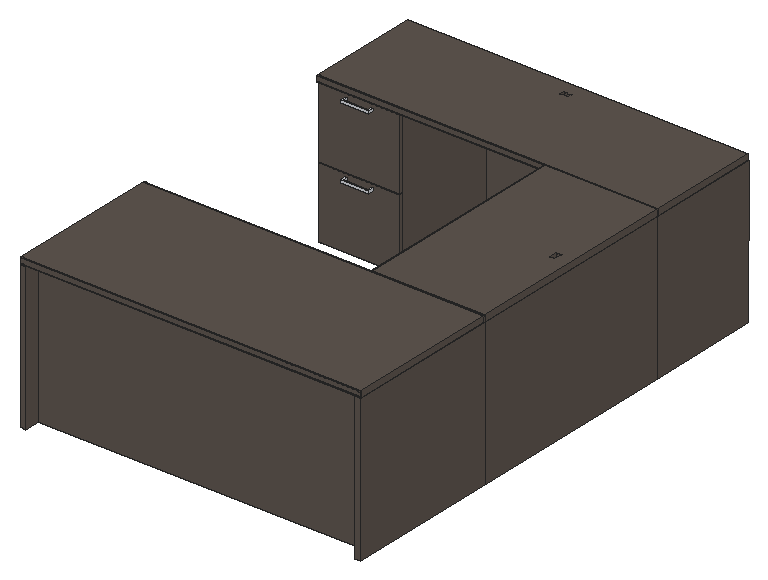
Revit family "T100292", category Furniture, Revit 2022
Family settings
  OmniClass Number = 23.40.20.00
  OmniClass Title = General Furniture and Specialties
  Work Plane-Based = No
  Always vertical = No
  Cut with Voids When Loaded = No
  Render Appearance Source = Family Geometry
  Shared = No
  Room Calculation Point = No
Parameters (values of type "T100292")
  URL = "https://ofs.com/"
  Manufacturer = "OFS"
  Description = "OFS TYPICAL T100292"
  Default Elevation = 0"
  Copyright © = "©OFS 2021"
  Catalog = "https://ofs.com/2020-experience"
  Authoring Version = "Autodesk Revit Architecture 2015"
  Assembly Code = "E2020400"
Reference planes (in)
  plane 1 "Center Front/Back": y = 0
  plane 2: z = 0
  plane 3 "Center Left/Right": x = 0
Dimensions and locks (in)
  aligned and locked: level to plane 2
Nested families (in)
  nested 1: "OFS ELEMENT OPEN L DESK LEFT AND RIGHT 84in Width 60in Return" at (102, 18.84375, 84), type "ELEMENT OPEN L DESK LEFT RETURN 84in Width 60in Return"
    with Right Desk Ovelay no, Left Desk Overlay no, Desk Overlay Option yes
  nested 2: "FIRST OFFICE-PULSE_DESK_SINGLE_PED_RIGHT" at (-33.0952, 18.18047, 0) x (-1, 0, 0) z (0, 0, 1), type "PULSE_DESK_SNGL_PED_4-6630FRPD"
    with TOP D SIZE yes, THICKNESS 1.188"
  nested 3: "FIRST OFFICE-PULSE_CREDENZA_SINGLE_PED_LEFT" at (-33, 86.94043, 0), type "PULSE_CREDENZA_SINGLE_PED_LEFT_4-6622FCRL"
    with TOP D SIZE yes, THICKNESS 1.188", CENTER GROMMET no
  nested 4: "FIRST OFFICE-PULSE_BRIDGES_W-HINGED_MODESTY" at (-14, 51, 0) x (0, -1, 0) z (0, 0, 1), type "PULSE_BRIDGE_STRAIGHT_4-2242BR"
    with TOP D SIZE yes, THICKNESS 1.188", CENTER GROMMET no
Definition of nested family "FIRST OFFICE-PULSE_DESK_SINGLE_PED_RIGHT"
  Parameters (values of type "PULSE_DESK_SNGL_PED_4-7236FRPD")
    URL = "http://www.firstoffice.com/products/casegoods/pulse"
    TOP D SIZE [instance] = yes
    THICKNESS [instance] = if(TOP D SIZE, 1.188", 1.563")  # 1.188"
    PEDESTAL HEIGHT = 28.187"
    Default Elevation = 0"
    DESK WIDTH = 72"
    FULL PED = PEDESTAL HEIGHT > 25"  # yes
    DRAWER FRONT = none
    ENVIRONMENTAL = "http://www.firstoffice.com/information/environment"
    DESK DEPTH = 36"
    TOP CORE = none
    Manufacturer = "FIRST OFFICE-PULSE"
    MODEL NUMBER = "4-7236FRPD"
    MANUFACTURERS' CODE = "FOF"
    EDGE SHAPE = none
    Description = "PULSE SINGLE PED DESK RIGHT 72X36"
    CHASSIS = none
    CATALOG CODE = "FOF"
  Types (5): name | PEDESTAL HEIGHT | DESK WIDTH | FULL PED | DESK DEPTH | MODEL NUMBER | Description
    (no name) | 28.187" | 72" | yes | 36" | "4-7236FRPD" | "PULSE SINGLE PED DESK RIGHT 72X36"
    PULSE_DESK_SNGL_PED_4-6630FRPD | 28.187" | 66" | yes | 30" | "4-6630FRPD" | "PULSE SINGLE PED DESK RIGHT 66X30"
    PULSE_DESK_SNGL_PED_4-7236FRPD | 28.187" | 72" | yes | 36" | "4-7236FRPD" | "PULSE SINGLE PED DESK RIGHT 72X36"
    PULSE_DESK_SNGL_PED_4-6630RPD | 21 1/4" | 66" | no | 30" | "4-6630RPD" | "PULSE SINGLE 3/4 PED DESK RIGHT 66X30"
    PULSE_DESK_SNGL_PED_4-7236RPD | 21 1/4" | 72" | no | 36" | "4-7236RPD" | "PULSE SINGLE 3/4 PED DESK RIGHT 72X36"
  Reference planes (in)
    plane 1 "Center Front/Back": y = 3.18047
    plane 2: z = 0
    plane 3 "DESK TOP": z = 30
    plane 4 "BASE HEIGHT": z = 28.812
    plane 5 "FRONT": y = -14.81953
    plane 6 "PEDESTAL BOTTOM": z = 0.5
    plane 7 "PEDESTAL TOP": z = 28.687
    plane 8: z = 1.063
    plane 9 "PEDESTAL FRONT": y = -13.81953
    plane 10 "DRAWER FRONT": y = -14.56953
    plane 11 "ARC DEPTH": y = 21.18047
    plane 12: z = 14.813
    plane 13: z = 14.938
    plane 14: z = 21.874
    plane 15: z = 21.75
    plane 16: z = 1.25
    plane 17: y = 12.18047
    plane 18: y = 11.43047
    plane 19: z = 16.812
    plane 20: y = 21.05547
    plane 21: x = -0.0952
    plane 22: x = 35.9048
    plane 23: x = -36.0952
    plane 24: x = 35.8418
    plane 25: x = -36.0322
    plane 26: x = 20.0288
    plane 27: x = 34.8418
    plane 28: x = 20.7788
    plane 29: x = -35.0322
    plane 30: x = 20.0918
  Forms (in)
    Extrusion 1, solid, material <- "DRAWER FRONT"
      sketch origin (-0.25596, -14.56953, 0) x (-1, 0, 0) y (0, 0, -1)
        loop
          line (-36.09775, -14.813) -> (-20.34775, -14.813) -> (-20.34775, -1.063) -> (-36.09775, -1.063) -> (-36.09775, -14.813)
      from -0.75 to 0
    Extrusion 2, solid, visible <- "FULL PED"
      sketch origin (-0.25596, -14.56953, 0) x (-1, 0, 0) y (0, 0, -1)
        loop
          line (-36.09775, -21.75) -> (-20.34775, -21.75) -> (-20.34775, -14.938) -> (-36.09775, -14.938) -> (-36.09775, -21.75)
      from -0.75 to 0
    Extrusion 3, solid
      sketch origin (-0.25596, -14.56953, 0) x (-1, 0, 0) y (0, 0, -1)
        loop
          line (-36.09775, -28.687) -> (-20.34775, -28.687) -> (-20.34775, -21.874) -> (-36.09775, -21.874) -> (-36.09775, -28.687)
      from -0.75 to 0
    Extrusion 4, solid, material <- "CHASSIS"
      sketch origin (-0.25596, 12.18047, 0) x (1, 0, 0) y (0, 0, -1)
        loop
          line (-34.77625, -28.812) -> (35.09775, -28.812) -> (35.09775, -0.499) -> (-34.77625, -0.499) -> (-34.77625, -28.812)
      from -0.75 to 0
    Extrusion 5, solid, material <- "TOP CORE"
      sketch origin (-0.25596, 0, 30) x (0, 1, 0) y (-1, 0, 0)
        loop
          line (21.05547, -36.16075) -> (21.05547, 35.83925) -> (-14.69453, 35.83925) -> (-14.69453, -36.16075) -> (21.05547, -36.16075)
      from -1.188 to 0
    Extrusion 6, solid, material <- "EDGE SHAPE"
      sketch origin (-0.0952, 0, 0) x (0, 1, 0) y (0, 0, -1)
        loop
          arc (-14.69453, -28.812) -> (-14.78292, -28.84861) -> (-14.81953, -28.937) r 0.125
          line (-14.81953, -28.937) -> (-14.81953, -29.875)
          arc (-14.81953, -29.875) -> (-14.78292, -29.96339) -> (-14.69453, -30) r 0.125
          line (-14.69453, -30) -> (-14.69453, -28.812)
      from -36 to 36
    Extrusion 7, solid, visible <- "FULL PED"
      sketch origin (18.78315, -15.37535, 16.001) x (-1, 0, 0) y (0, -1, 0)
        loop
          line (-11.90239, -0.80581) -> (-11.52739, -0.80581) -> (-11.52739, 0.00669) -> (-6.83989, 0.00669) -> (-6.83989, -0.80581) -> (-6.46489, -0.80581) -> (-6.46489, 0.19419) -> (-11.90239, 0.19419) -> (-11.90239, -0.80581)
      from 4.53125 to 5
    Extrusion 8, solid
      sketch origin (18.78315, -15.37535, 22.938) x (-1, 0, 0) y (0, -1, 0)
        loop
          line (-11.90239, -0.80581) -> (-11.52739, -0.80581) -> (-11.52739, 0.00669) -> (-6.83989, 0.00669) -> (-6.83989, -0.80581) -> (-6.46489, -0.80581) -> (-6.46489, 0.19419) -> (-11.90239, 0.19419) -> (-11.90239, -0.80581)
      from 4.53125 to 5
    Extrusion 9, solid
      sketch origin (18.78315, -15.37535, 9.063) x (-1, 0, 0) y (0, -1, 0)
        loop
          line (-11.90239, -0.80581) -> (-11.52739, -0.80581) -> (-11.52739, 0.00669) -> (-6.83989, 0.00669) -> (-6.83989, -0.80581) -> (-6.46489, -0.80581) -> (-6.46489, 0.19419) -> (-11.90239, 0.19419) -> (-11.90239, -0.80581)
      from 4.53125 to 5
    Extrusion 10, solid, material <- "CHASSIS"
      sketch origin (37.74404, 5.25, 0) x (0, 1, 0) y (0, 0, -1)
        loop
          line (-19.06953, -28.687) -> (15.93047, -28.687) -> (15.93047, -0.499) -> (-19.06953, -0.499) -> (-19.06953, -28.687)
      from 1.83925 to 2.90225
    Extrusion 11, solid
      sketch origin (99, 5.25, 28.687) x (0, 1, 0) y (-1, 0, 0)
        loop
          line (15.80547, 134.0322) -> (15.80547, 135.0322) -> (-19.06953, 135.0322) -> (-19.06953, 134.0322) -> (15.80547, 134.0322)
      from 0 to 0.125
    Extrusion 12, solid, material <- "CHASSIS"
      sketch origin (-36.25596, 5.5, 0) x (0, 1, 0) y (0, 0, 1)
        loop
          line (-20.31953, 28.687) -> (-20.31953, 0.499) -> (15.68047, 0.499) -> (15.68047, 28.687) -> (-20.31953, 28.687)
      from 0.16075 to 1.22375
    Extrusion 13, solid
      sketch origin (94.5, 5.5, 28.687) x (0, 1, 0) y (-1, 0, 0)
        loop
          line (15.55547, 59.6582) -> (-20.06953, 59.6582) -> (-20.06953, 58.6582) -> (15.55547, 58.6582) -> (15.55547, 59.6582)
      from 0 to 0.125
    Extrusion 14, solid, material <- "CHASSIS"
      sketch origin (14.74404, 4.5, 0) x (0, 1, 0) y (0, 0, 1)
        loop
          line (-18.31953, 28.812) -> (-18.31953, 0.5) -> (6.93047, 0.5) -> (6.93047, 28.812) -> (-18.31953, 28.812)
      from 5.28475 to 6.03475
    Extrusion 15, solid, material <- "CHASSIS", not visible
      sketch origin (-0.25596, 4.5, 0.5) x (0, 1, 0) y (-1, 0, 0)
        loop
          line (6.93047, -21.03475) -> (-18.31953, -21.03475) -> (-18.31953, -35.09775) -> (6.93047, -35.09775) -> (6.93047, -21.03475)
      from 0 to 0.75
    Extrusion 16, solid, material <- "CHASSIS"
      sketch origin (-0.25596, 1.5, 0.5) x (0, 1, 0) y (-1, 0, 0)
        loop
          line (9.93047, -21.03475) -> (-15.31953, -21.03475) -> (-15.31953, -35.09775) -> (9.93047, -35.09775) -> (9.93047, -21.03475)
      from 0 to 0.75
    Extrusion 17, solid, material <- "EDGE SHAPE"
      sketch origin (-0.0952, 0, 0) x (0, 1, 0) y (0, 0, -1)
        loop
          line (21.18047, -29.875) -> (21.18047, -28.937)
          arc (21.18047, -28.937) -> (21.14385, -28.84861) -> (21.05547, -28.812) r 0.125
          line (21.05547, -28.812) -> (21.05547, -30)
          arc (21.05547, -30) -> (21.14385, -29.96339) -> (21.18047, -29.875) r 0.125
      from -36 to 36
  Lines and regions (in)
    Masking region 1
      outline origin (-81.95305, 0, 0) x (0, 1, 0) y (-1, 0, 0)
        loop
          line (21.18047, -117.85784) -> (21.18047, -45.85784) -> (-14.81953, -45.85784) -> (-14.81953, -117.85784) -> (21.18047, -117.85784)
    Masking region 2
      outline origin (0, 0, 28.687) x (0, 1, 0) y (-1, 0, 0)
        loop
          line (-14.81953, -25.24805) -> (-15.56953, -25.24805) -> (-15.56953, -30.68555) -> (-14.81953, -30.68555) -> (-14.81953, -30.31055) -> (-15.38203, -30.31055) -> (-15.38203, -25.62305) -> (-14.81953, -25.62305) -> (-14.81953, -25.24805)
  Dimensions and locks (in)
    "DESK DEPTH": plane 5 "FRONT" to plane 11 "ARC DEPTH"
    equal spacing: plane 5 "FRONT", plane 1 "Center Front/Back", plane 11 "ARC DEPTH"
    plane 16 to plane 8 to plane 6 "PEDESTAL BOTTOM" = 0.187" locked, 0.563" locked
    "PEDESTAL HEIGHT": plane 7 "PEDESTAL TOP" to plane 6 "PEDESTAL BOTTOM"
    plane 4 "BASE HEIGHT" to plane 7 "PEDESTAL TOP" to plane 2 = 1/8" locked, 28.687" locked
    "THICKNESS": plane 3 "DESK TOP" to plane 4 "BASE HEIGHT"
    plane 5 "FRONT" to plane 10 "DRAWER FRONT" to plane 9 "PEDESTAL FRONT" to plane 18 to plane 17 = 1/4" locked, 3/4" locked, 25 1/4" locked, 3/4" locked
    locked: plane 11 "ARC DEPTH" to plane 20 at 0.125
    equal spacing: plane 22, plane 21, plane 23
    "DESK WIDTH": plane 22 to plane 23
    plane 13 to plane 12 to plane 8 = 1/8" locked, 13 3/4" locked
    locked: plane 7 "PEDESTAL TOP" to plane 14 at 6.813
    locked: plane 14 to plane 15 at 0.124
    locked: Extrusion 5 to Extrusion 4 sketch curve at 28.313
    plane 29 to plane 25 to plane 23 = 1" locked, 0.063" locked
    plane 22 to plane 24 to plane 27 to plane 28 to plane 30 to plane 26 = 0.063" locked, 1" locked, 14.063" locked, 0.687" locked, 0.063" locked
    plane 12 to Extrusion 9 to Extrusion 9 = 3/4" locked, 15/32" locked
    aligned and locked: level to plane 2
    aligned and locked: Extrusion 1 sketch curve to plane 24
    aligned and locked: plane 12 to Extrusion 1 sketch curve
    aligned and locked: Extrusion 1 sketch curve to plane 8
    aligned and locked: plane 24 to Extrusion 2 sketch curve
    aligned and locked: plane 13 to Extrusion 2 sketch curve
    aligned and locked: Extrusion 2 sketch curve to plane 15
    aligned and locked: plane 14 to Extrusion 3 sketch curve
    aligned and locked: Extrusion 3 sketch curve to plane 7 "PEDESTAL TOP"
    aligned and locked: Extrusion 4 sketch curve to plane 29
    aligned and locked: Extrusion 4 sketch curve to plane 27
    aligned and locked: plane 22 to Extrusion 6
    aligned and locked: Extrusion 6 to plane 23
    aligned and locked: Extrusion 3 sketch curve to plane 30
    aligned and locked: Extrusion 2 sketch curve to plane 30
    aligned and locked: plane 30 to Extrusion 1 sketch curve
    aligned and locked: Extrusion 5 sketch curve to plane 23
    aligned and locked: plane 22 to Extrusion 10
    aligned and locked: Extrusion 10 to plane 27
    aligned and locked: plane 28 to Extrusion 14
    aligned and locked: Extrusion 14 to plane 26
    aligned and locked: Extrusion 12 to plane 23
    aligned and locked: Extrusion 12 to plane 29
    aligned and locked: Extrusion 7 to Extrusion 8  (x2)
    aligned and locked: Extrusion 9 to Extrusion 7  (x2)
    aligned and locked: plane 22 to Extrusion 17
    aligned and locked: Extrusion 17 to plane 23
    aligned and locked: plane 11 "ARC DEPTH" to Masking region 1 sketch curve
    aligned and locked: Masking region 1 sketch curve to plane 23
    aligned and locked: plane 22 to Masking region 1 sketch curve
    aligned and locked: Masking region 1 sketch curve to plane 5 "FRONT"
    aligned and locked: plane 25 to Extrusion 11 sketch curve
    aligned and locked: plane 29 to Extrusion 11 sketch curve
    aligned and locked: plane 20 to Extrusion 11 sketch curve
    aligned and locked: plane 9 "PEDESTAL FRONT" to Extrusion 11 sketch curve
    aligned and locked: Extrusion 13 sketch curve to plane 27
    aligned and locked: plane 24 to Extrusion 13 sketch curve
    aligned and locked: Extrusion 13 sketch curve to plane 20
    aligned and locked: Extrusion 13 sketch curve to plane 10 "DRAWER FRONT"
    aligned and locked: plane 17 to Extrusion 4
    aligned and locked: Extrusion 4 to plane 18
    aligned and locked: plane 16 to Extrusion 16
    aligned and locked: plane 16 to Extrusion 15
    aligned and locked: Extrusion 16 to plane 6 "PEDESTAL BOTTOM"
    aligned and locked: Extrusion 15 to plane 6 "PEDESTAL BOTTOM"
    aligned and locked: Extrusion 15 sketch curve to plane 18
    aligned and locked: plane 18 to Extrusion 14
    aligned and locked: Extrusion 12 to Extrusion 4
    aligned and locked: Extrusion 10 to Extrusion 12
  Automatic sketch dimensions
    plane 24 to Extrusion 3 sketch curve = 0"
    Extrusion 4 sketch curve to plane 4 "BASE HEIGHT" = 0"
    Extrusion 5 sketch curve to plane 22 = 0"
    Extrusion 5 sketch curve to plane 20 = 0"
    plane 5 "FRONT" to Extrusion 5 sketch curve = 1/8"
    Extrusion 6 sketch curve to plane 5 "FRONT" = 0"
    Extrusion 6 sketch curve to plane 3 "DESK TOP" = 0"
    Extrusion 6 sketch curve to plane 4 "BASE HEIGHT" = 0"
    plane 5 "FRONT" to Extrusion 6 sketch curve = 1/8"
    plane 10 "DRAWER FRONT" to Extrusion 7 sketch curve = 0"  (x2)
    plane 27 to Extrusion 7 sketch curve = 4 5/32"
    Extrusion 7 sketch curve to Extrusion 7 sketch curve = 3/8"  (x2)
    plane 5 "FRONT" to Extrusion 7 sketch curve = 9/16"
    Extrusion 7 sketch curve to Extrusion 7 sketch curve = 4 11/16"
    Extrusion 7 sketch curve to Extrusion 7 sketch curve = 3/16"
    plane 10 "DRAWER FRONT" to Extrusion 8 sketch curve = 0"  (x2)
    plane 27 to Extrusion 8 sketch curve = 4 5/32"
    Extrusion 8 sketch curve to Extrusion 8 sketch curve = 3/8"  (x2)
    plane 5 "FRONT" to Extrusion 8 sketch curve = 9/16"
    Extrusion 8 sketch curve to Extrusion 8 sketch curve = 4 11/16"
    Extrusion 8 sketch curve to Extrusion 8 sketch curve = 3/16"
    plane 10 "DRAWER FRONT" to Extrusion 9 sketch curve = 0"  (x2)
    plane 27 to Extrusion 9 sketch curve = 4 5/32"
    Extrusion 9 sketch curve to Extrusion 9 sketch curve = 3/8"  (x2)
    plane 5 "FRONT" to Extrusion 9 sketch curve = 9/16"
    Extrusion 9 sketch curve to Extrusion 9 sketch curve = 4 11/16"
    Extrusion 9 sketch curve to Extrusion 9 sketch curve = 3/16"
    Extrusion 10 sketch curve to plane 7 "PEDESTAL TOP" = 0"
    Extrusion 10 sketch curve to plane 9 "PEDESTAL FRONT" = 0"
    Extrusion 10 sketch curve to plane 11 "ARC DEPTH" = 0"
    Extrusion 10 sketch curve to plane 6 "PEDESTAL BOTTOM" = 0.001"
    Extrusion 12 sketch curve to plane 5 "FRONT" = 0"
    Extrusion 12 sketch curve to plane 11 "ARC DEPTH" = 0"
    Extrusion 12 sketch curve to plane 7 "PEDESTAL TOP" = 0"
    Extrusion 12 sketch curve to plane 6 "PEDESTAL BOTTOM" = 0.001"
    Extrusion 14 sketch curve to plane 4 "BASE HEIGHT" = 0"
    Extrusion 14 sketch curve to plane 9 "PEDESTAL FRONT" = 0"
    Extrusion 14 sketch curve to plane 6 "PEDESTAL BOTTOM" = 0"
    plane 9 "PEDESTAL FRONT" to Extrusion 15 sketch curve = 0"
    Extrusion 15 sketch curve to plane 27 = 0"
    Extrusion 15 sketch curve to plane 28 = 0"
    plane 9 "PEDESTAL FRONT" to Extrusion 16 sketch curve = 0"
    Extrusion 16 sketch curve to plane 18 = 0"
    Extrusion 16 sketch curve to plane 27 = 0"
    Extrusion 16 sketch curve to plane 28 = 0"
    Extrusion 17 sketch curve to plane 3 "DESK TOP" = 0"
    Extrusion 17 sketch curve to plane 20 = 0"
    Extrusion 17 sketch curve to plane 11 "ARC DEPTH" = 0"
    Extrusion 17 sketch curve to plane 4 "BASE HEIGHT" = 0"
    plane 5 "FRONT" to Masking region 2 sketch curve = 0"  (x2)
    plane 5 "FRONT" to Masking region 2 sketch curve = 9/16"
    Masking region 2 sketch curve to Masking region 2 sketch curve = 3/16"
    plane 27 to Masking region 2 sketch curve = 4 5/32"
    Masking region 2 sketch curve to Masking region 2 sketch curve = 3/8"  (x2)
    Masking region 2 sketch curve to Masking region 2 sketch curve = 4 11/16"
    Extrusion 14 sketch curve to plane 20 = 9 5/8"
Definition of nested family "FIRST OFFICE-PULSE_CREDENZA_SINGLE_PED_LEFT"
  Parameters (values of type "PULSE_CREDENZA_SINGLE_PED_LEFT_4-7222FCRL")
    URL = "http://www.firstoffice.com/products/casegoods/pulse"
    TOP D SIZE [instance] = yes
    THICKNESS [instance] = if(TOP D SIZE, 1.188", 1.563")  # 1.188"
    PEDESTAL HEIGHT = 28.187"
    Default Elevation = 0"
    DRAWER FRONT = none
    ENVIRONMENTAL = "http://www.firstoffice.com/information/environment"
    TOP CORE = none
    Manufacturer = "FIRST OFFICE-PULSE"
    MODEL NUMBER = "4-7222FCRL"
    MANUFACTURERS' CODE = "FOF"
    EDGE SHAPE = none
    Description = "PULSE SINGLE PED CREDENZA LEFT FULL 72X22"
    CREDENZA WIDTH = 72"
    CHASSIS = none
    CENTER GROMMET [instance] = yes
    CATALOG CODE = "FOF"
  Types (6): name | PEDESTAL HEIGHT | MODEL NUMBER | Description | CREDENZA WIDTH
    (no name) | 28.187" | "4-7222FCRL" | "PULSE SINGLE PED CREDENZA LEFT FULL 72X22" | 72"
    PULSE_CREDENZA_SINGLE_PED_LEFT_4-6022FCRL | 28.187" | "4-6022FCRL" | "PULSE SINGLE PED CREDENZA LEFT FULL 60X22" | 60"
    PULSE_CREDENZA_SINGLE_PED_LEFT_4-6622FCRL | 28.187" | "4-6622FCRL" | "PULSE SINGLE PED CREDENZA LEFT FULL 66X22" | 66"
    PULSE_CREDENZA_SINGLE_PED_LEFT_4-7222FCRL | 28.187" | "4-7222FCRL" | "PULSE SINGLE PED CREDENZA LEFT FULL 72X22" | 72"
    PULSE_CREDENZA_SINGLE_PED_LEFT_4-6622CRL | 21 1/4" | "4-6622CRL" | "PULSE SINGLE 3/4 PED CREDENZA LEFT 66X22" | 66"
    PULSE_CREDENZA_SINGLE_PED_LEFT_4-7222CRL | 21 1/4" | "4-7222CRL" | "PULSE SINGLE 3/4 PED CREDENZA LEFT 72X22" | 72"
  Reference planes (in)
    plane 1 "Center Front/Back": y = -4
    plane 2: z = 0
    plane 3 "Center Left/Right": x = 0
    plane 4 "LEFT": x = -36
    plane 5 "RIGHT": x = 36
    plane 6 "DESK TOP": z = 30
    plane 7 "BASE HEIGHT": z = 28.812
    plane 8 "FRONT": y = -15
    plane 9 "PEDESTAL BOTTOM": z = 0.5
    plane 10 "PEDESTAL TOP": z = 28.687
    plane 11: z = 1.063
    plane 12 "PEDESTAL FRONT": y = -14
    plane 13 "DRAWER FRONT": y = -14.75
    plane 14: z = 14.813
    plane 15: z = 14.938
    plane 16: x = -35.937
    plane 17: x = -20.187
    plane 18: x = -20.124
    plane 19: x = -34.937
    plane 20: x = -20.874
    plane 21: x = 35
    plane 22: z = 1.25
    plane 23 "MODESTY PANEL": y = 7
    plane 24: y = 5.95
    plane 25: y = 6.7
    plane 26: z = 14.063
    plane 27: z = 13.59425
    plane 28: z = 30.07
  Forms (in)
    Extrusion 1, solid, material <- "DRAWER FRONT"
      sketch origin (0, -14.75, 0) x (1, 0, 0) y (0, 0, 1)
        loop
          line (-35.937, 14.813) -> (-35.937, 1.063) -> (-20.187, 1.063) -> (-20.187, 14.813) -> (-35.937, 14.813)
      from -0.75 to 0
    Extrusion 2, solid
      sketch origin (0, -14.75, 0) x (1, 0, 0) y (0, 0, 1)
        loop
          line (-35.937, 28.687) -> (-35.937, 14.938) -> (-20.187, 14.938) -> (-20.187, 28.687) -> (-35.937, 28.687)
      from -0.75 to 0
    Extrusion 3, solid, material <- "CHASSIS"
      sketch origin (-36, 0, 0) x (0, 1, 0) y (0, 0, 1)
        loop
          line (-14, 28.687) -> (-14, 0.499) -> (7, 0.499) -> (7, 28.687) -> (-14, 28.687)
      from 0 to 1.063
    Extrusion 4, solid, material <- "CHASSIS"
      sketch origin (36, 0, 0) x (0, 1, 0) y (0, 0, -1)
        loop
          line (-15, -28.687) -> (7, -28.687) -> (7, -0.499) -> (-15, -0.499) -> (-15, -28.687)
      from 0 to 1
    Extrusion 5, solid, material <- "CHASSIS"
      sketch origin (-15, 0, 0) x (0, 1, 0) y (0, 0, -1)
        loop
          line (-14, -28.812) -> (5.95, -28.812) -> (5.95, -0.5) -> (-14, -0.5) -> (-14, -28.812)
      from 5.124 to 5.874
    Extrusion 6, solid, material <- "CHASSIS"
      sketch origin (0, 7, 0) x (-1, 0, 0) y (0, 0, 1)
        loop
          line (-35, 28.812) -> (-35, 0.499) -> (34.937, 0.499) -> (34.937, 28.812) -> (-35, 28.812)
      from -1.05 to -0.3
    Extrusion 7, solid, material <- "CHASSIS"
      sketch origin (0, 0, 0.5) x (0, 1, 0) y (-1, 0, 0)
        loop
          line (5.95, 20.874) -> (5.95, 34.937) -> (-14, 34.937) -> (-14, 20.874) -> (5.95, 20.874)
      from 0 to 0.75
    Extrusion 8, solid, material <- "TOP CORE"
      sketch origin (0, 0, 30) x (0, 1, 0) y (-1, 0, 0)
        loop
          line (7, 36) -> (-14.875, 36) -> (-14.875, -36) -> (7, -36) -> (7, 36)
      from -1.188 to 0
    Extrusion 9, solid, material <- "EDGE SHAPE"
      sketch origin (0, 0, 0) x (0, 1, 0) y (0, 0, 1)
        loop
          line (-14.875, 28.812) -> (-14.875, 30)
          arc (-14.875, 30) -> (-14.96339, 29.96339) -> (-15, 29.875) r 0.125
          line (-15, 29.875) -> (-15, 28.937)
          arc (-15, 28.937) -> (-14.96339, 28.84861) -> (-14.875, 28.812) r 0.125
      from -36 to 36
    Extrusion 10, solid
      sketch origin (-19.03911, -15.37535, 22.938) x (1, 0, 0) y (0, 1, 0)
        loop
          line (-11.74164, 0.62535) -> (-11.74164, -0.37465) -> (-6.30414, -0.37465) -> (-6.30414, 0.62535) -> (-6.67914, 0.62535) -> (-6.67914, -0.18715) -> (-11.36664, -0.18715) -> (-11.36664, 0.62535) -> (-11.74164, 0.62535)
      from 4.53125 to 5
    Extrusion 11, solid
      sketch origin (-19.03911, -15.37535, 16) x (1, 0, 0) y (0, 1, 0)
        loop
          line (-11.74164, 0.62535) -> (-11.74164, -0.37465) -> (-6.30414, -0.37465) -> (-6.30414, 0.62535) -> (-6.67914, 0.62535) -> (-6.67914, -0.18715) -> (-11.36664, -0.18715) -> (-11.36664, 0.62535) -> (-11.74164, 0.62535)
      from -2.40575 to -1.937
    Extrusion 12, solid
      sketch origin (0, 0, 28.687) x (0, 1, 0) y (-1, 0, 0)
        loop
          line (6.875, 34.937) -> (6.875, 35.875) -> (-14, 35.875) -> (-14, 34.937) -> (6.875, 34.937)
      from 0 to 0.125
    Extrusion 13, solid
      sketch origin (0, 0, 28.687) x (0, 1, 0) y (-1, 0, 0)
        loop
          line (6.875, -35) -> (-14.875, -35) -> (-14.875, -35.875) -> (6.875, -35.875) -> (6.875, -35)
      from 0 to 0.125
    Extrusion 14, solid, visible <- "CENTER GROMMET"
      sketch origin (0, -7, 29.972) x (0, 1, 0) y (-1, 0, 0)
        loop
          arc (12, 1.25) -> (11.87186, 1.55936) -> (11.5625, 1.6875) r 0.4375
          line (11.5625, 1.6875) -> (10.4375, 1.6875)
          arc (10.4375, 1.6875) -> (10.12814, 1.55936) -> (10, 1.25) r 0.4375
          line (10, 1.25) -> (10, 0) -> (10.62004, 0) -> (10.62004, 0.4375)
          arc (10.62004, 0.4375) -> (10.69471, 0.61779) -> (10.875, 0.69246) r 0.25496
          line (10.875, 0.69246) -> (11.125, 0.69246)
          arc (11.125, 0.69246) -> (11.30529, 0.61779) -> (11.37996, 0.4375) r 0.25496
          line (11.37996, 0.4375) -> (11.37996, 0) -> (12, 0) -> (12, 1.25)
      from 0.028 to 0.098
    Sweep 15, void
      path origin (0, -7, 30) x (0, 1, 0) y (-1, 0, 0)
        loop
          line (11.37996, 0) -> (11.37996, 0.4375)
          arc (11.37996, 0.4375) -> (11.30529, 0.61779) -> (11.125, 0.69246) r 0.25496
          line (11.125, 0.69246) -> (10.875, 0.69246)
          arc (10.875, 0.69246) -> (10.69471, 0.61779) -> (10.62004, 0.4375) r 0.25496
          line (10.62004, 0.4375) -> (10.62004, 0)
      profile origin (-0.69246, 4, 30) x (1, 0, 0) y (0, 0, 1)
        loop
          arc (-0.07, 0.07) -> (-0.0205, 0.0495) -> (0, 0) r 0.07
          line (0, 0) -> (0, 0.07) -> (-0.07, 0.07)
    Extrusion 16, solid, visible <- "CENTER GROMMET"
      sketch origin (0, -7, 29.942) x (0, 1, 0) y (-1, 0, 0)
        loop
          line (12, -1.25) -> (12, 0) -> (11.37996, 0) -> (11.37996, -0.4375)
          arc (11.37996, -0.4375) -> (11.30529, -0.61779) -> (11.125, -0.69246) r 0.25496
          line (11.125, -0.69246) -> (10.875, -0.69246)
          arc (10.875, -0.69246) -> (10.69471, -0.61779) -> (10.62004, -0.4375) r 0.25496
          line (10.62004, -0.4375) -> (10.62004, 0) -> (10, 0) -> (10, -1.25)
          arc (10, -1.25) -> (10.12814, -1.55936) -> (10.4375, -1.6875) r 0.4375
          line (10.4375, -1.6875) -> (11.5625, -1.6875)
          arc (11.5625, -1.6875) -> (11.87186, -1.55936) -> (12, -1.25) r 0.4375
      from 0.058 to 0.128
    Sweep 17, void
      path origin (0, -7, 30) x (0, 1, 0) y (1, 0, 0)
        loop
          line (11.37996, 0) -> (11.37996, 0.4375)
          arc (11.37996, 0.4375) -> (11.30529, 0.61779) -> (11.125, 0.69246) r 0.25496
          line (11.125, 0.69246) -> (10.875, 0.69246)
          arc (10.875, 0.69246) -> (10.69471, 0.61779) -> (10.62004, 0.4375) r 0.25496
          line (10.62004, 0.4375) -> (10.62004, 0)
      profile origin (0.69247, 4, 30) x (1, 0, 0) y (0, 0, 1)
        loop
          line (0.07, 0.07) -> (0, 0.07) -> (0, 0)
          arc (0, 0) -> (0.0205, 0.0495) -> (0.07, 0.07) r 0.07
    Extrusion 18, void
      sketch origin (0, 0, 30) x (0, 1, 0) y (-1, 0, 0)
        loop
          line (3.5, 0.75) -> (3.5, -0.75) -> (4.5, -0.75) -> (4.5, 0.75) -> (3.5, 0.75)
      from -1.188 to 0
  Cuts and joins
    Sweep 15, Extrusion 18 cuts Extrusion 14
    Sweep 15, Sweep 17, Extrusion 18 cuts Extrusion 16
    Extrusion 18 cuts Extrusion 8
  Lines and regions (in)
    Masking region 1
      outline origin (0, 0, 0) x (1, 0, 0) y (0, 1, 0)
        loop
          line (-36, 7) -> (-36, -15) -> (36, -15) -> (36, 7) -> (-36, 7)
    Masking region 2
      outline origin (0, 0, 0) x (1, 0, 0) y (0, 1, 0)
        loop
          line (-30.78075, -15) -> (-30.78075, -15.75) -> (-25.34325, -15.75) -> (-25.34325, -15) -> (-25.71825, -15) -> (-25.71825, -15.5625) -> (-30.40575, -15.5625) -> (-30.40575, -15) -> (-30.78075, -15)
    Masking region 3, visible <- "CENTER GROMMET"
      outline origin (0, -7, 30) x (0, 1, 0) y (-1, 0, 0)
        loop
          arc (12, 1.25) -> (11.87186, 1.55936) -> (11.5625, 1.6875) r 0.4375
          line (11.5625, 1.6875) -> (10.4375, 1.6875)
          arc (10.4375, 1.6875) -> (10.12814, 1.55936) -> (10, 1.25) r 0.4375
          line (10, 1.25) -> (10, 0) -> (10.62004, 0) -> (10.62004, 0.4375)
          arc (10.62004, 0.4375) -> (10.69471, 0.61779) -> (10.875, 0.69246) r 0.25496
          line (10.875, 0.69246) -> (11.125, 0.69246)
          arc (11.125, 0.69246) -> (11.30529, 0.61779) -> (11.37996, 0.4375) r 0.25496
          line (11.37996, 0.4375) -> (11.37996, 0) -> (12, 0) -> (12, 1.25)
    Masking region 4, visible <- "CENTER GROMMET"
      outline origin (0, -7, 30) x (1, 0, 0) y (0, 1, 0)
        loop
          line (1.25, 12) -> (0, 12) -> (0, 11.37996) -> (0.4375, 11.37996)
          arc (0.4375, 11.37996) -> (0.61779, 11.30529) -> (0.69246, 11.125) r 0.25496
          line (0.69246, 11.125) -> (0.69246, 10.875)
          arc (0.69246, 10.875) -> (0.61779, 10.69471) -> (0.4375, 10.62004) r 0.25496
          line (0.4375, 10.62004) -> (0, 10.62004) -> (0, 10) -> (1.25, 10)
          arc (1.25, 10) -> (1.55936, 10.12814) -> (1.6875, 10.4375) r 0.4375
          line (1.6875, 10.4375) -> (1.6875, 11.5625)
          arc (1.6875, 11.5625) -> (1.55936, 11.87186) -> (1.25, 12) r 0.4375
  Dimensions and locks (in)
    equal spacing: plane 4 "LEFT", plane 3 "Center Left/Right", plane 5 "RIGHT"
    "CREDENZA WIDTH": plane 4 "LEFT" to plane 5 "RIGHT"
    plane 15 to plane 14 to plane 11 = 1/8" locked, 13 3/4" locked
    plane 22 to plane 11 to plane 9 "PEDESTAL BOTTOM" = 0.187" locked, 0.563" locked
    locked: Extrusion 4 to Extrusion 3 sketch curve at 28.188
    locked: Extrusion 6 sketch curve to Extrusion 8 at 28.313
    "PEDESTAL HEIGHT": plane 10 "PEDESTAL TOP" to plane 9 "PEDESTAL BOTTOM"
    plane 23 "MODESTY PANEL" to plane 25 to plane 24 = 0.3" locked, 3/4" locked
    locked: plane 8 "FRONT" to plane 23 "MODESTY PANEL" at 22
    equal spacing: plane 23 "MODESTY PANEL", plane 1 "Center Front/Back", plane 8 "FRONT"
    plane 4 "LEFT" to plane 16 to plane 19 to plane 20 to plane 17 to plane 18 = 0.063" locked, 1" locked, 14.063" locked, 0.687" locked, 0.063" locked
    locked: plane 21 to plane 5 "RIGHT" at 1
    plane 14 to plane 26 to plane 27 = 3/4" locked, 15/32" locked
    plane 7 "BASE HEIGHT" to plane 10 "PEDESTAL TOP" to plane 2 = 1/8" locked, 28.687" locked
    locked: plane 28 to plane 6 "DESK TOP" at 0.07
    "THICKNESS": plane 6 "DESK TOP" to plane 7 "BASE HEIGHT"
    aligned and locked: plane 16 to Extrusion 1 sketch curve
    aligned and locked: Extrusion 1 sketch curve to plane 14
    aligned and locked: plane 11 to Extrusion 1 sketch curve
    aligned and locked: Extrusion 1 sketch curve to plane 17
    aligned and locked: plane 17 to Extrusion 2 sketch curve
    aligned and locked: plane 10 "PEDESTAL TOP" to Extrusion 2 sketch curve
    aligned: Extrusion 2 to plane 12 "PEDESTAL FRONT"
    aligned: plane 13 "DRAWER FRONT" to Extrusion 2
    aligned and locked: Extrusion 1 to plane 12 "PEDESTAL FRONT"
    aligned and locked: plane 13 "DRAWER FRONT" to Extrusion 1
    aligned and locked: plane 10 "PEDESTAL TOP" to Extrusion 3 sketch curve
    aligned and locked: plane 12 "PEDESTAL FRONT" to Extrusion 3 sketch curve
    aligned: Extrusion 3 to plane 4 "LEFT"
    aligned: plane 19 to Extrusion 3
    aligned and locked: plane 5 "RIGHT" to Extrusion 4
    aligned and locked: plane 21 to Extrusion 4
    aligned and locked: Extrusion 5 to plane 20
    aligned and locked: plane 18 to Extrusion 5
    aligned: Extrusion 4 to plane 9 "PEDESTAL BOTTOM"
    aligned and locked: Extrusion 5 to plane 9 "PEDESTAL BOTTOM"
    aligned and locked: plane 7 "BASE HEIGHT" to Extrusion 5
    aligned and locked: plane 7 "BASE HEIGHT" to Extrusion 6 sketch curve
    aligned and locked: Extrusion 6 sketch curve to plane 21
    aligned and locked: Extrusion 6 sketch curve to plane 19
    aligned: Extrusion 6 to plane 24
    aligned: plane 23 "MODESTY PANEL" to Extrusion 6
    aligned and locked: plane 24 to Extrusion 5
    aligned and locked: Extrusion 7 sketch curve to plane 19
    aligned and locked: plane 24 to Extrusion 7 sketch curve
    aligned and locked: plane 20 to Extrusion 7 sketch curve
    aligned and locked: plane 12 "PEDESTAL FRONT" to Extrusion 7 sketch curve
    aligned and locked: Extrusion 7 to plane 9 "PEDESTAL BOTTOM"
    aligned and locked: plane 22 to Extrusion 7
    aligned and locked: Extrusion 8 to plane 7 "BASE HEIGHT"
    aligned and locked: plane 6 "DESK TOP" to Extrusion 8
    aligned and locked: Extrusion 9 sketch curve to plane 8 "FRONT"
    aligned and locked: Extrusion 9 to plane 4 "LEFT"
    aligned and locked: plane 5 "RIGHT" to Extrusion 9
    aligned and locked: Extrusion 12 to plane 10 "PEDESTAL TOP"
    aligned and locked: plane 7 "BASE HEIGHT" to Extrusion 12
    aligned and locked: level to plane 2
    aligned and locked: Extrusion 6 to Extrusion 4
    aligned and locked: Extrusion 2 sketch curve to plane 15
    aligned and locked: Masking region 1 sketch curve to plane 23 "MODESTY PANEL"
    aligned and locked: plane 23 "MODESTY PANEL" to Extrusion 3
    aligned and locked: Extrusion 8 sketch curve to Masking region 1
    aligned and locked: plane 23 "MODESTY PANEL" to Extrusion 4
    aligned and locked: plane 25 to Extrusion 6
    aligned and locked: Extrusion 6 to plane 24
    aligned and locked: Extrusion 14 to Sweep 15
    aligned and locked: Extrusion 16 to Sweep 15
    aligned and locked: plane 6 "DESK TOP" to cut or joined group of Extrusion 8, Extrusion 18
    aligned and locked: cut or joined group of Extrusion 8, Extrusion 18 to plane 7 "BASE HEIGHT"
    aligned and locked: plane 8 "FRONT" to Extrusion 4
    aligned and locked: cut or joined group of Extrusion 8, Extrusion 18 to Extrusion 13
    aligned and locked: plane 26 to Extrusion 11
    aligned and locked: plane 27 to Extrusion 11
    aligned and locked: plane 28 to cut or joined group of Extrusion 14, Sweep 15, Extrusion 18
    aligned and locked: Sweep 15 sketch curve to plane 28
    aligned and locked: plane 6 "DESK TOP" to Sweep 15 sketch curve
    aligned and locked: plane 28 to Sweep 17 sketch curve
    aligned and locked: plane 6 "DESK TOP" to Sweep 17 sketch curve
    aligned and locked: cut or joined group of Extrusion 14, Sweep 15, Extrusion 18 to plane 6 "DESK TOP"
    aligned and locked: cut or joined group of Sweep 15, Extrusion 16, Sweep 17, Extrusion 18 to plane 6 "DESK TOP"
  Automatic sketch dimensions
    Extrusion 2 sketch curve to plane 16 = 0"
    plane 8 "FRONT" to Masking region 2 sketch curve = 0"  (x2)
    plane 19 to Masking region 2 sketch curve = 4 5/32"
    Masking region 2 sketch curve to Masking region 2 sketch curve = 3/8"  (x2)
    plane 8 "FRONT" to Masking region 2 sketch curve = 9/16"
    Masking region 2 sketch curve to Masking region 2 sketch curve = 4 11/16"
    Masking region 2 sketch curve to Masking region 2 sketch curve = 3/16"
    Extrusion 3 sketch curve to plane 23 "MODESTY PANEL" = 0"
    Extrusion 4 sketch curve to plane 10 "PEDESTAL TOP" = 0"
    plane 12 "PEDESTAL FRONT" to Extrusion 4 sketch curve = 1"
    Extrusion 4 sketch curve to plane 23 "MODESTY PANEL" = 0"
    level to Extrusion 4 sketch curve = 0.499"
    Extrusion 5 sketch curve to plane 7 "BASE HEIGHT" = 0"
    Extrusion 5 sketch curve to plane 12 "PEDESTAL FRONT" = 0"
    Extrusion 5 sketch curve to plane 9 "PEDESTAL BOTTOM" = 0"
    Extrusion 5 sketch curve to plane 24 = 0"
    Extrusion 8 sketch curve to plane 4 "LEFT" = 0"
    Extrusion 8 sketch curve to plane 5 "RIGHT" = 0"
    Extrusion 8 sketch curve to plane 8 "FRONT" = 1/8"
    Extrusion 9 sketch curve to plane 6 "DESK TOP" = 0"
    Extrusion 9 sketch curve to plane 7 "BASE HEIGHT" = 0"
    Extrusion 9 sketch curve to plane 8 "FRONT" = 1/8"
    plane 13 "DRAWER FRONT" to Extrusion 10 sketch curve = 0"  (x2)
    plane 19 to Extrusion 10 sketch curve = 4 5/32"
    Extrusion 10 sketch curve to Extrusion 10 sketch curve = 3/8"  (x2)
    plane 8 "FRONT" to Extrusion 10 sketch curve = 9/16"
    Extrusion 10 sketch curve to Extrusion 10 sketch curve = 4 11/16"
    Extrusion 10 sketch curve to Extrusion 10 sketch curve = 3/16"
    plane 13 "DRAWER FRONT" to Extrusion 11 sketch curve = 0"  (x2)
    plane 19 to Extrusion 11 sketch curve = 4 5/32"
    Extrusion 11 sketch curve to Extrusion 11 sketch curve = 3/8"  (x2)
    plane 8 "FRONT" to Extrusion 11 sketch curve = 9/16"
    Extrusion 11 sketch curve to Extrusion 11 sketch curve = 4 11/16"
    Extrusion 11 sketch curve to Extrusion 11 sketch curve = 3/16"
    Masking region 1 sketch curve to plane 4 "LEFT" = 0"
    Masking region 1 sketch curve to plane 5 "RIGHT" = 0"
    plane 8 "FRONT" to Masking region 1 sketch curve = 0"
    plane 12 "PEDESTAL FRONT" to Extrusion 12 sketch curve = 0"
    Extrusion 12 sketch curve to plane 19 = 0"
    plane 16 to Extrusion 12 sketch curve = 0.062"
    Extrusion 12 sketch curve to plane 23 "MODESTY PANEL" = 1/8"
    Extrusion 13 sketch curve to plane 12 "PEDESTAL FRONT" = 7/8"
    Extrusion 13 sketch curve to plane 21 = 0"
    plane 23 "MODESTY PANEL" to Extrusion 13 sketch curve = 1/8"
    Extrusion 14 sketch curve to plane 3 "Center Left/Right" = 1 1/4"
    Extrusion 14 sketch curve to plane 1 "Center Front/Back" = 7"
    Extrusion 14 sketch curve to Extrusion 14 sketch curve = 7/16"  (x3)
    Extrusion 14 sketch curve to Extrusion 14 sketch curve = 0.62004"  (x2)
    Extrusion 14 sketch curve to Extrusion 14 sketch curve = 0.25496"  (x2)
    Extrusion 14 sketch curve to Extrusion 14 sketch curve = 1/4"
    Extrusion 14 sketch curve to plane 3 "Center Left/Right" = 0"  (x2)
    Sweep 15 sketch curve to plane 3 "Center Left/Right" = 7/16"
    Sweep 15 sketch curve to plane 1 "Center Front/Back" = 7.62004"
    Sweep 15 sketch curve to Sweep 15 sketch curve = 0.25496"  (x2)
    Sweep 15 sketch curve to Sweep 15 sketch curve = 1/4"
    Sweep 15 sketch curve to plane 3 "Center Left/Right" = 0"  (x2)
    profile plane to Sweep 15 sketch curve = 0"
    plane 3 "Center Left/Right" to Extrusion 16 sketch curve = 1 1/4"
    Extrusion 16 sketch curve to plane 1 "Center Front/Back" = 7"
    Extrusion 16 sketch curve to Extrusion 16 sketch curve = 7/16"  (x2)
    plane 3 "Center Left/Right" to Extrusion 16 sketch curve = 7/16"
    Extrusion 16 sketch curve to Extrusion 16 sketch curve = 0.62004"  (x2)
    Extrusion 16 sketch curve to Extrusion 16 sketch curve = 0.25496"  (x2)
    Extrusion 16 sketch curve to Extrusion 16 sketch curve = 1/4"
    plane 3 "Center Left/Right" to Extrusion 16 sketch curve = 0"  (x2)
    Sweep 17 sketch curve to plane 3 "Center Left/Right" = 7/16"
    plane 1 "Center Front/Back" to Sweep 17 sketch curve = 7.62004"
    Sweep 17 sketch curve to Sweep 17 sketch curve = 0.25496"  (x2)
    Sweep 17 sketch curve to Sweep 17 sketch curve = 1/4"
    Sweep 17 sketch curve to plane 3 "Center Left/Right" = 0"  (x2)
    profile plane to Sweep 17 sketch curve = 0"
    Masking region 3 sketch curve to plane 1 "Center Front/Back" = 7"
    Masking region 3 sketch curve to Masking region 3 sketch curve = 7/16"  (x3)
    Masking region 3 sketch curve to plane 3 "Center Left/Right" = 0"  (x2)
    Masking region 3 sketch curve to Masking region 3 sketch curve = 0.62004"  (x2)
    Masking region 3 sketch curve to Masking region 3 sketch curve = 0.25496"  (x2)
    Masking region 3 sketch curve to Masking region 3 sketch curve = 1/4"
    Masking region 3 sketch curve to Masking region 3 sketch curve = 13/16"
    plane 3 "Center Left/Right" to Masking region 4 sketch curve = 0"  (x2)
    plane 3 "Center Left/Right" to Masking region 4 sketch curve = 7/16"
    Masking region 4 sketch curve to Masking region 4 sketch curve = 0"
    Masking region 4 sketch curve to Masking region 4 sketch curve = 0.25496"
    Masking region 4 sketch curve to Masking region 4 sketch curve = 13/16"
    Masking region 4 sketch curve to Masking region 4 sketch curve = 0.55754"
    Masking region 4 sketch curve to Masking region 4 sketch curve = 7/16"  (x2)
    Masking region 4 sketch curve to plane 1 "Center Front/Back" = 7"
    Masking region 4 sketch curve to Masking region 4 sketch curve = 0.62004"
    Masking region 4 sketch curve to Masking region 4 sketch curve = 1/4"
    Extrusion 18 sketch curve to plane 24 = 2.45"
    Extrusion 18 sketch curve to Extrusion 18 sketch curve = 1"
    Extrusion 18 sketch curve to plane 3 "Center Left/Right" = 3/4"
    plane 3 "Center Left/Right" to Extrusion 18 sketch curve = 3/4"
    plane 5 "RIGHT" to Extrusion 13 sketch curve = 1/8"
Definition of nested family "FIRST OFFICE-PULSE_BRIDGES_W-HINGED_MODESTY"
  Parameters (values of type "PULSE_BRIDGE_STRAIGHT_4-2248BR")
    TOP D SIZE [instance] = yes
    THICKNESS [instance] = if(TOP D SIZE, 1.188", 1.563")  # 1.188"
    URL = "http://www.firstoffice.com/products/casegoods/pulse"
    Default Elevation = 0"
    CENTER GROMMET [instance] = yes
    ENVIRONMENTAL = "http://www.firstoffice.com/information/environment"
    BRIDGE WIDTH = 48"
    TOP CORE = none
    Manufacturer = "FIRST OFFICE-PULSE"
    MODEL NUMBER = "4-2248BR"
    MANUFACTURERS' CODE = "FOF"
    EDGE SHAPE = none
    Description = "PULSE STRAIGHT BRIDGE 22X48"
    BACK PANEL = none
    CATALOG CODE = "FOF"
  Types (3): name | BRIDGE WIDTH | MODEL NUMBER | Description
    (no name) | 48" | "4-2248BR" | "PULSE STRAIGHT BRIDGE 22X48"
    PULSE_BRIDGE_STRAIGHT_4-2242BR | 42" | "4-2242BR" | "PULSE STRAIGHT BRIDGE 22X42"
    PULSE_BRIDGE_STRAIGHT_4-2248BR | 48" | "4-2248BR" | "PULSE STRAIGHT BRIDGE 22X48"
  Reference planes (in)
    plane 1 "Center Front/Back": y = 3
    plane 2: z = 0
    plane 3 "Center Left/Right": x = 0
    plane 4 "BRIDGE TOP": z = 30
    plane 5 "UNDERSURF": z = 28.812
    plane 6 "BACK PNL BOTTOM": z = 0.5
    plane 7 "BACK PNL TOP": z = 28.687
    plane 8: x = -24
    plane 9: x = 24
    plane 10 "FRONT": y = -8
    plane 11 "BACK": y = 14
    plane 12: y = -7.875
    plane 13: y = 13
    plane 14: z = 30.07
  Forms (in)
    Extrusion 1, solid, material <- "BACK PANEL"
      sketch origin (0, 12, 0) x (-1, 0, 0) y (0, 0, 1)
        loop
          line (-24, 28.687) -> (-24, 0.5) -> (24, 0.5) -> (24, 28.687) -> (-24, 28.687)
      from 1 to 2
    Extrusion 2, solid, material <- "TOP CORE"
      sketch origin (0, 0, 30) x (0, 1, 0) y (-1, 0, 0)
        loop
          line (14, 24) -> (-7.875, 24) -> (-7.875, -24) -> (14, -24) -> (14, 24)
      from -1.188 to 0
    Extrusion 3, solid, material <- "EDGE SHAPE"
      sketch origin (0, 6.25, 0) x (0, 1, 0) y (0, 0, 1)
        loop
          line (-14.125, 28.812) -> (-14.125, 30)
          arc (-14.125, 30) -> (-14.21339, 29.96339) -> (-14.25, 29.875) r 0.125
          line (-14.25, 29.875) -> (-14.25, 28.937)
          arc (-14.25, 28.937) -> (-14.21339, 28.84861) -> (-14.125, 28.812) r 0.125
      from -24 to 24
    Extrusion 4, solid
      sketch origin (0, 0, 28.687) x (0, 1, 0) y (-1, 0, 0)
        loop
          line (13, 24) -> (13, -24) -> (13.875, -24) -> (13.875, 24) -> (13, 24)
      from 0 to 0.125
    Extrusion 5, void
      sketch origin (0, 0, 28.812) x (0, 1, 0) y (-1, 0, 0)
        loop
          line (11.5, 0.7815) -> (10.5, 0.7815) -> (10.5, -0.7815) -> (11.5, -0.7815) -> (11.5, 0.7815)
      from 0 to 1.188
    Extrusion 6, solid, visible <- "CENTER GROMMET"
      sketch origin (0, 0, 29.972) x (0, 1, 0) y (-1, 0, 0)
        loop
          arc (12, 1.25) -> (11.87186, 1.55936) -> (11.5625, 1.6875) r 0.4375
          line (11.5625, 1.6875) -> (10.4375, 1.6875)
          arc (10.4375, 1.6875) -> (10.12814, 1.55936) -> (10, 1.25) r 0.4375
          line (10, 1.25) -> (10, 0) -> (10.62004, 0) -> (10.62004, 0.4375)
          arc (10.62004, 0.4375) -> (10.69471, 0.61779) -> (10.875, 0.69246) r 0.25496
          line (10.875, 0.69246) -> (11.125, 0.69246)
          arc (11.125, 0.69246) -> (11.30529, 0.61779) -> (11.37996, 0.4375) r 0.25496
          line (11.37996, 0.4375) -> (11.37996, 0) -> (12, 0) -> (12, 1.25)
      from 0.028 to 0.098
    Sweep 7, void
      path origin (0, 0, 30) x (0, 1, 0) y (-1, 0, 0)
        loop
          line (11.37996, 0) -> (11.37996, 0.4375)
          arc (11.37996, 0.4375) -> (11.30529, 0.61779) -> (11.125, 0.69246) r 0.25496
          line (11.125, 0.69246) -> (10.875, 0.69246)
          arc (10.875, 0.69246) -> (10.69471, 0.61779) -> (10.62004, 0.4375) r 0.25496
          line (10.62004, 0.4375) -> (10.62004, 0)
      profile origin (-0.69246, 11, 30) x (1, 0, 0) y (0, 0, 1)
        loop
          arc (-0.07, 0.07) -> (-0.0205, 0.0495) -> (0, 0) r 0.07
          line (0, 0) -> (0, 0.07) -> (-0.07, 0.07)
    Extrusion 8, solid, visible <- "CENTER GROMMET"
      sketch origin (0, 0, 29.942) x (0, 1, 0) y (-1, 0, 0)
        loop
          line (12, -1.25) -> (12, 0) -> (11.37996, 0) -> (11.37996, -0.4375)
          arc (11.37996, -0.4375) -> (11.30529, -0.61779) -> (11.125, -0.69246) r 0.25496
          line (11.125, -0.69246) -> (10.875, -0.69246)
          arc (10.875, -0.69246) -> (10.69471, -0.61779) -> (10.62004, -0.4375) r 0.25496
          line (10.62004, -0.4375) -> (10.62004, 0) -> (10, 0) -> (10, -1.25)
          arc (10, -1.25) -> (10.12814, -1.55936) -> (10.4375, -1.6875) r 0.4375
          line (10.4375, -1.6875) -> (11.5625, -1.6875)
          arc (11.5625, -1.6875) -> (11.87186, -1.55936) -> (12, -1.25) r 0.4375
      from 0.058 to 0.128
    Sweep 9, void
      path origin (0, 0, 30) x (0, 1, 0) y (1, 0, 0)
        loop
          line (11.37996, 0) -> (11.37996, 0.4375)
          arc (11.37996, 0.4375) -> (11.30529, 0.61779) -> (11.125, 0.69246) r 0.25496
          line (11.125, 0.69246) -> (10.875, 0.69246)
          arc (10.875, 0.69246) -> (10.69471, 0.61779) -> (10.62004, 0.4375) r 0.25496
          line (10.62004, 0.4375) -> (10.62004, 0)
      profile origin (0.69246, 11, 30) x (1, 0, 0) y (0, 0, 1)
        loop
          line (0.07, 0.07) -> (0, 0.07) -> (0, 0)
          arc (0, 0) -> (0.0205, 0.0495) -> (0.07, 0.07) r 0.07
  Cuts and joins
    Extrusion 5 cuts Extrusion 2
    Sweep 7, Sweep 9 cuts Extrusion 6
    Sweep 9 cuts Extrusion 8
  Lines and regions (in)
    Masking region 1
      outline origin (0, 0, 0) x (1, 0, 0) y (0, 1, 0)
        loop
          line (-24, 14) -> (-24, -8) -> (24, -8) -> (24, 14) -> (-24, 14)
    Masking region 2, visible <- "CENTER GROMMET"
      outline origin (0, 0, 30) x (0, 1, 0) y (-1, 0, 0)
        loop
          arc (12, 1.25) -> (11.87186, 1.55936) -> (11.5625, 1.6875) r 0.4375
          line (11.5625, 1.6875) -> (10.4375, 1.6875)
          arc (10.4375, 1.6875) -> (10.12814, 1.55936) -> (10, 1.25) r 0.4375
          line (10, 1.25) -> (10, 0) -> (10.62004, 0) -> (10.62004, 0.4375)
          arc (10.62004, 0.4375) -> (10.69471, 0.61779) -> (10.875, 0.69246) r 0.25496
          line (10.875, 0.69246) -> (11.125, 0.69246)
          arc (11.125, 0.69246) -> (11.30529, 0.61779) -> (11.37996, 0.4375) r 0.25496
          line (11.37996, 0.4375) -> (11.37996, 0) -> (12, 0) -> (12, 1.25)
    Masking region 3, visible <- "CENTER GROMMET"
      outline origin (0, 0, 30) x (1, 0, 0) y (0, 1, 0)
        loop
          line (1.25, 12) -> (0, 12) -> (0, 11.37996) -> (0.4375, 11.37996)
          arc (0.4375, 11.37996) -> (0.61779, 11.30529) -> (0.69246, 11.125) r 0.25496
          line (0.69246, 11.125) -> (0.69246, 10.875)
          arc (0.69246, 10.875) -> (0.61779, 10.69471) -> (0.4375, 10.62004) r 0.25496
          line (0.4375, 10.62004) -> (0, 10.62004) -> (0, 10) -> (1.25, 10)
          arc (1.25, 10) -> (1.55936, 10.12814) -> (1.6875, 10.4375) r 0.4375
          line (1.6875, 10.4375) -> (1.6875, 11.5625)
          arc (1.6875, 11.5625) -> (1.55936, 11.87186) -> (1.25, 12) r 0.4375
    Masking region 4, not visible
      outline origin (0, 0, 0) x (1, 0, 0) y (0, 1, 0)
        loop
          line (-24, 14) -> (-24, -8)
          arc (-24, -8) -> (0, -3.00481) -> (24, -8) r 60.15305
          line (24, -8) -> (24, 14) -> (-24, 14)
  Dimensions and locks (in)
    equal spacing: plane 10 "FRONT", plane 1 "Center Front/Back", plane 11 "BACK", locked at 11 each
    locked: plane 10 "FRONT" to plane 12 at 0.125
    locked: plane 11 "BACK" to plane 13 at 1
    locked: Extrusion 1 to Extrusion 4 sketch curve at 0.875
    "BRIDGE WIDTH": plane 8 to plane 9
    equal spacing: plane 8, plane 3 "Center Left/Right", plane 9
    "THICKNESS": plane 4 "BRIDGE TOP" to plane 5 "UNDERSURF"
    plane 5 "UNDERSURF" to plane 7 "BACK PNL TOP" to plane 6 "BACK PNL BOTTOM" to plane 2 = 1/8" locked, 28.187" locked, 1/2" locked
    locked: plane 14 to plane 4 "BRIDGE TOP" at 0.07
    aligned and locked: Extrusion 2 to plane 5 "UNDERSURF"
    aligned and locked: plane 4 "BRIDGE TOP" to Extrusion 2
    aligned and locked: plane 12 to Extrusion 2 sketch curve
    aligned and locked: Extrusion 2 sketch curve to plane 9
    aligned and locked: Extrusion 2 sketch curve to plane 8
    aligned and locked: plane 12 to Extrusion 3 sketch curve
    aligned and locked: Extrusion 3 sketch curve to plane 10 "FRONT"
    aligned and locked: Extrusion 3 to plane 8
    aligned and locked: Extrusion 3 to plane 9
    aligned and locked: plane 7 "BACK PNL TOP" to Extrusion 1 sketch curve
    aligned and locked: Extrusion 1 sketch curve to plane 8
    aligned and locked: Extrusion 1 sketch curve to plane 9
    aligned and locked: plane 11 "BACK" to Extrusion 1
    aligned and locked: Extrusion 1 to plane 13
    aligned and locked: Extrusion 4 sketch curve to plane 8
    aligned and locked: Extrusion 4 sketch curve to plane 9
    aligned and locked: Extrusion 4 sketch curve to plane 13
    aligned and locked: Extrusion 6 to Sweep 7
    aligned and locked: Extrusion 8 to Sweep 7
    aligned and locked: cut or joined group of Extrusion 6, Sweep 7, Sweep 9 to plane 4 "BRIDGE TOP"
    aligned and locked: Extrusion 8 to plane 4 "BRIDGE TOP"
    aligned and locked: plane 14 to cut or joined group of Extrusion 6, Sweep 7, Sweep 9
  Automatic sketch dimensions
    Extrusion 1 sketch curve to plane 6 "BACK PNL BOTTOM" = 0"
    Extrusion 2 sketch curve to plane 11 "BACK" = 0"
    Extrusion 3 sketch curve to plane 5 "UNDERSURF" = 0"
    Extrusion 3 sketch curve to plane 4 "BRIDGE TOP" = 0"
    Extrusion 5 sketch curve to plane 3 "Center Left/Right" = 0.7815"
    Extrusion 5 sketch curve to plane 13 = 2 1/2"
    Extrusion 5 sketch curve to Extrusion 5 sketch curve = 1"
    plane 3 "Center Left/Right" to Extrusion 5 sketch curve = 0.7815"
    Extrusion 6 sketch curve to plane 3 "Center Left/Right" = 1 1/4"
    Extrusion 6 sketch curve to plane 13 = 3"
    Extrusion 6 sketch curve to Extrusion 6 sketch curve = 7/16"  (x2)
    Extrusion 6 sketch curve to Extrusion 6 sketch curve = 0.62004"  (x2)
    Extrusion 6 sketch curve to Extrusion 6 sketch curve = 0.25496"  (x2)
    Extrusion 6 sketch curve to Extrusion 6 sketch curve = 1/4"
    Extrusion 6 sketch curve to plane 3 "Center Left/Right" = 0"  (x2)
    Extrusion 6 sketch curve to plane 3 "Center Left/Right" = 7/16"
    Sweep 7 sketch curve to plane 3 "Center Left/Right" = 7/16"
    Sweep 7 sketch curve to plane 13 = 2.37996"
    Sweep 7 sketch curve to Sweep 7 sketch curve = 0.25496"  (x2)
    Sweep 7 sketch curve to Sweep 7 sketch curve = 1/4"
    Sweep 7 sketch curve to plane 3 "Center Left/Right" = 0"  (x2)
    profile plane to Sweep 7 sketch curve = 0"
    profile plane to Sweep 7 sketch curve = 0.07"
    plane 4 "BRIDGE TOP" to Sweep 7 sketch curve = 0"
    plane 3 "Center Left/Right" to Extrusion 8 sketch curve = 1 1/4"
    Extrusion 8 sketch curve to plane 13 = 3"
    Extrusion 8 sketch curve to Extrusion 8 sketch curve = 7/16"  (x2)
    Extrusion 8 sketch curve to Extrusion 8 sketch curve = 0.62004"  (x2)
    Extrusion 8 sketch curve to Extrusion 8 sketch curve = 0.25496"  (x2)
    Extrusion 8 sketch curve to Extrusion 8 sketch curve = 1/4"
    plane 3 "Center Left/Right" to Extrusion 8 sketch curve = 0"  (x2)
    plane 3 "Center Left/Right" to Extrusion 8 sketch curve = 0.69246"
    Sweep 9 sketch curve to plane 3 "Center Left/Right" = 7/16"
    plane 13 to Sweep 9 sketch curve = 2.37996"
    Sweep 9 sketch curve to Sweep 9 sketch curve = 0.25496"  (x2)
    Sweep 9 sketch curve to Sweep 9 sketch curve = 1/4"
    Sweep 9 sketch curve to plane 3 "Center Left/Right" = 0"  (x2)
    profile plane to Sweep 9 sketch curve = 0"
    plane 4 "BRIDGE TOP" to Sweep 9 sketch curve = 0"
    Sweep 9 sketch curve to Sweep 9 sketch curve = 0.07"
    Masking region 2 sketch curve to plane 13 = 3"
    Masking region 2 sketch curve to Masking region 2 sketch curve = 7/16"  (x2)
    Masking region 2 sketch curve to plane 3 "Center Left/Right" = 0"  (x2)
    Masking region 2 sketch curve to Masking region 2 sketch curve = 0.62004"  (x2)
    Masking region 2 sketch curve to Masking region 2 sketch curve = 0.25496"  (x2)
    Masking region 2 sketch curve to Masking region 2 sketch curve = 1/4"
    Masking region 2 sketch curve to plane 3 "Center Left/Right" = 7/16"
    Masking region 2 sketch curve to Masking region 2 sketch curve = 13/16"
    plane 3 "Center Left/Right" to Masking region 3 sketch curve = 0"  (x2)
    plane 3 "Center Left/Right" to Masking region 3 sketch curve = 7/16"
    Masking region 3 sketch curve to Masking region 3 sketch curve = 0"
    Masking region 3 sketch curve to Masking region 3 sketch curve = 0.25496"
    Masking region 3 sketch curve to Masking region 3 sketch curve = 13/16"
    Masking region 3 sketch curve to Masking region 3 sketch curve = 0.55754"
    Masking region 3 sketch curve to Masking region 3 sketch curve = 7/16"  (x2)
    Masking region 3 sketch curve to plane 13 = 3"
    Masking region 3 sketch curve to Masking region 3 sketch curve = 0.62004"
    Masking region 3 sketch curve to Masking region 3 sketch curve = 1/4"
    Masking region 1 sketch curve to plane 8 = 0"
    Masking region 1 sketch curve to plane 9 = 0"
    plane 10 "FRONT" to Masking region 1 sketch curve = 0"
    Masking region 1 sketch curve to plane 11 "BACK" = 0"
    Masking region 4 sketch curve to plane 8 = 0"
    Masking region 4 sketch curve to plane 3 "Center Left/Right" = 0"
    Masking region 4 sketch curve to plane 9 = 0"
    plane 10 "FRONT" to Masking region 4 sketch curve = 0"
    Masking region 4 sketch curve to plane 11 "BACK" = 0"
    plane 10 "FRONT" to Masking region 4 sketch curve = 55.15786"
Definition of nested family "OFS ELEMENT OPEN L DESK LEFT AND RIGHT 84in Width 60in Return"
  Parameters (values of type "ELEMENT OPEN L DESK RIGHT RETURN 84in Width 60in Return")
    Worksurface Material = none
    Width = 84"
    URL = "http://www.ofsbrands.com/"
    Transaction Shelf Material = none
    Table Supp from Lateral = 2 5/8"
    Table Supp from Center = 11 1/8"
    Table Depth = 13 1/2"
    Right Return Desk Option = no
    Right Desk Ovelay [instance] = and(Right Return Desk Option, Desk Overlay Option)  # no
    Return Worksurface Width = 22"
    Paper Organizer Material = none
    Paper Organizer Depth = 12 3/4"
    Paper Organizer Clearance = 4 5/8"
    Paper Organizer Board Thickness = 3/4"
    Model = "EL-T84RL60C"
    Manufacturer = "OFS"
    Left Return Desk Option = yes
    Left Desk Overlay [instance] = and(Left Return Desk Option, Desk Overlay Option)  # yes
    Lateral Board Thickness = 1 3/16"
    Height = 45"
    Standoffs Material = none
    Groomet Material = none
    Desk Overlay Thickness = 1/8"
    Desk Overlay Option [instance] = yes
    Desk Overlay Material = none
    Desk Overlay = 6 1/2"
    Description = "OFS BRANDS OFS ELEMENT OPEN L DESK RIGHT RETURN 84\" Width, 84\"W x 34.3125\"D DESK, 60\"W x 22\"D RETURN With Paper Organizer"
    Desk Depth = 34 5/16"
    Depth = 94 5/16"
    Default Elevation = 0"
    Copyright © = "© 2018 OFS BRANDS"
    Catalog = "http://ofs.com/products/casegoods/reception/element"
    Bottom Board Offset = 0"
    Chassis Material = none
    Base Depth = 30"
    Back Board Thickness = 1 3/16"
    Authoring Version = "Autodesk Revit Architecture 2013"
    Assembly Code = "E2020200"
  Types (3): name | Model | Left Return Desk Option | Left Desk Overlay | Description
    (no name) | "EL-T84RL60C" | yes | yes | "OFS BRANDS OFS ELEMENT OPEN L DESK RIGHT RETURN 84\" Width, 84\"W x 34.3125\"D DESK, 60\"W x 22\"D RETURN With Paper Organizer"
    ELEMENT OPEN L DESK LEFT RETURN 84in Width 60in Return | "EL-T84LL60C" | no | no | "OFS BRANDS OFS ELEMENT OPEN L DESK LEFT RETURN 84\" Width, 84\"W x 34.3125\"D DESK, 60\"W x 22\"D RETURN With Paper Organizer"
    ELEMENT OPEN L DESK RIGHT RETURN 84in Width 60in Return | "EL-T84RL60C" | yes | yes | "OFS BRANDS OFS ELEMENT OPEN L DESK RIGHT RETURN 84\" Width, 84\"W x 34.3125\"D DESK, 60\"W x 22\"D RETURN With Paper Organizer"
